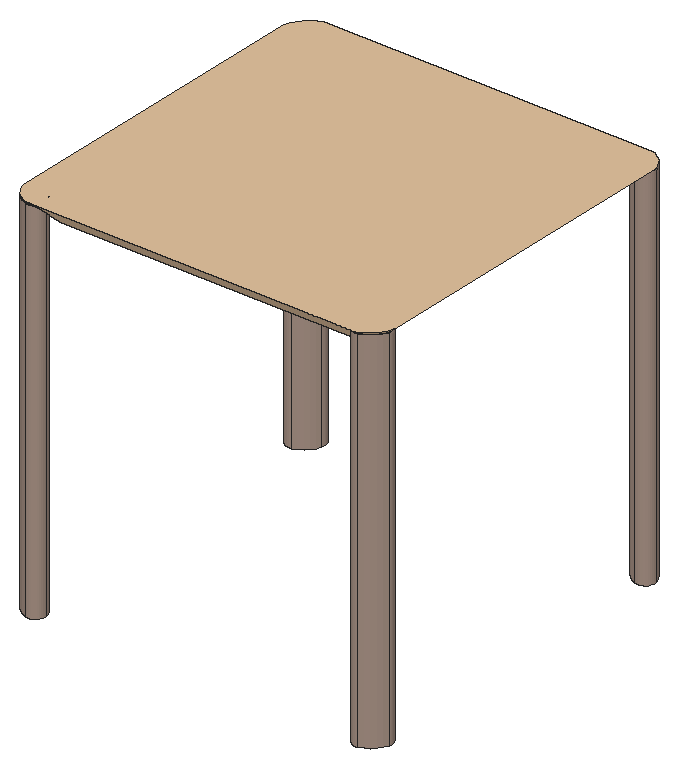
Revit family
Parameters
  Material of Table Top = Table Top Material
  Table Height = 600 mm
  Material of Legs = Leg Material
Reference planes
  plane 1 "Center (Front/Back)": y = -49.982
  plane 2: z = 0
  plane 3 "Center (Left/Right)": x = -49.982
  plane 4: z = 600
Forms (mm)
  Extrusion 1, solid, material "Leg Material" <- "Material of Legs"
    sketch origin (0, 0, 0) x (1, 0, 0) y (0, 1, 0)
      loop
        arc (-327.835, -301.792) -> (-343.232, -305.153) -> (-348.08, -320.149) r 15.815
        arc (-348.08, -320.149) -> (-336.958, -337.751) -> (-319.356, -348.873) r 47.304
        arc (-319.356, -348.873) -> (-304.36, -344.025) -> (-300.998, -328.628) r 15.815
        arc (-300.998, -328.628) -> (-311.395, -312.188) -> (-327.835, -301.792) r 44.275
      loop
        arc (227.871, -301.792) -> (211.431, -312.188) -> (201.034, -328.628) r 44.275
        arc (201.034, -328.628) -> (204.396, -344.025) -> (219.392, -348.873) r 15.815
        arc (219.392, -348.873) -> (236.994, -337.751) -> (248.116, -320.149) r 47.304
        arc (248.116, -320.149) -> (243.268, -305.153) -> (227.871, -301.792) r 15.815
      loop
        arc (-327.835, 201.828) -> (-311.395, 212.225) -> (-300.998, 228.665) r 44.275
        arc (-300.998, 228.665) -> (-304.36, 244.062) -> (-319.356, 248.91) r 15.815
        arc (-319.356, 248.91) -> (-336.958, 237.788) -> (-348.08, 220.185) r 47.304
        arc (-348.08, 220.185) -> (-343.232, 205.19) -> (-327.835, 201.828) r 15.815
      loop
        arc (227.871, 201.828) -> (243.268, 205.19) -> (248.116, 220.185) r 15.815
        arc (248.116, 220.185) -> (236.994, 237.788) -> (219.392, 248.91) r 47.304
        arc (219.392, 248.91) -> (204.396, 244.062) -> (201.034, 228.665) r 15.815
        arc (201.034, 228.665) -> (211.431, 212.225) -> (227.871, 201.828) r 44.275
    from 0 to 600
  Blend 2, solid, material "Table Top Material" <- "Material of Table Top"
    base sketch origin (0, 0, 600) x (0, -1, 0) y (1, 0, 0)
      loop
        line (-250.018, 215.836) -> (-250.018, -315.8)
        arc (-250.018, -315.8) -> (-236.509, -338.19) -> (-213.168, -349.982) r 47.304
        line (-213.168, -349.982) -> (313.131, -349.982)
        arc (313.131, -349.982) -> (336.472, -338.19) -> (349.982, -315.8) r 47.304
        line (349.982, -315.8) -> (349.982, 215.836)
        arc (349.982, 215.836) -> (336.472, 238.226) -> (313.131, 250.018) r 47.304
        line (313.131, 250.018) -> (-213.168, 250.018)
        arc (-213.168, 250.018) -> (-236.509, 238.226) -> (-250.018, 215.836) r 47.304
    top sketch origin (0, 0, 600) x (0, -1, 0) y (1, 0, 0)
      loop
        line (-199.587, 199.586) -> (-199.587, -299.55) -> (299.55, -299.55) -> (299.55, 199.586) -> (-199.587, 199.586)
    from 3 to -42
Dimensions and locks
  "Table Height": level to plane 4
  locked: Blend 2 to Blend 2 at 45
  level to plane 4 = 600 mm
  aligned and locked: plane 4 to Extrusion 1
  aligned and locked: Blend 2 sketch curve to Extrusion 1  (x4)
Automatic sketch dimensions
  Extrusion 1 sketch curve to plane 3 "Center (Left/Right)" = 298.098 mm  (x2)
  Extrusion 1 sketch curve to Extrusion 1 sketch curve = 5.378 mm  (x4)
  Extrusion 1 sketch curve to Extrusion 1 sketch curve = 15.472 mm  (x6)
  Extrusion 1 sketch curve to Extrusion 1 sketch curve = 4.773 mm  (x4)
  Extrusion 1 sketch curve to Extrusion 1 sketch curve = 23.347 mm  (x6)
  Extrusion 1 sketch curve to Extrusion 1 sketch curve = 3.279 mm  (x4)
  Extrusion 1 sketch curve to Extrusion 1 sketch curve = 24.326 mm  (x6)
  Extrusion 1 sketch curve to Extrusion 1 sketch curve = 15.078 mm  (x6)
  plane 3 "Center (Left/Right)" to Extrusion 1 sketch curve = 251.016 mm  (x2)
  Extrusion 1 sketch curve to Extrusion 1 sketch curve = 2.51 mm  (x4)
  plane 1 "Center (Front/Back)" to Extrusion 1 sketch curve = 298.891 mm  (x2)
  Extrusion 1 sketch curve to plane 1 "Center (Front/Back)" = 251.81 mm  (x2)
  Blend 2 sketch curve to plane 1 "Center (Front/Back)" = 249.568 mm
  plane 1 "Center (Front/Back)" to Blend 2 sketch curve = 249.568 mm
  plane 3 "Center (Left/Right)" to Blend 2 sketch curve = 249.568 mm
  Blend 2 sketch curve to plane 3 "Center (Left/Right)" = 249.568 mm
  Blend 2 sketch curve to Blend 2 sketch curve = 8.829 mm  (x2)
  Blend 2 sketch curve to Blend 2 sketch curve = 36.851 mm  (x2)
